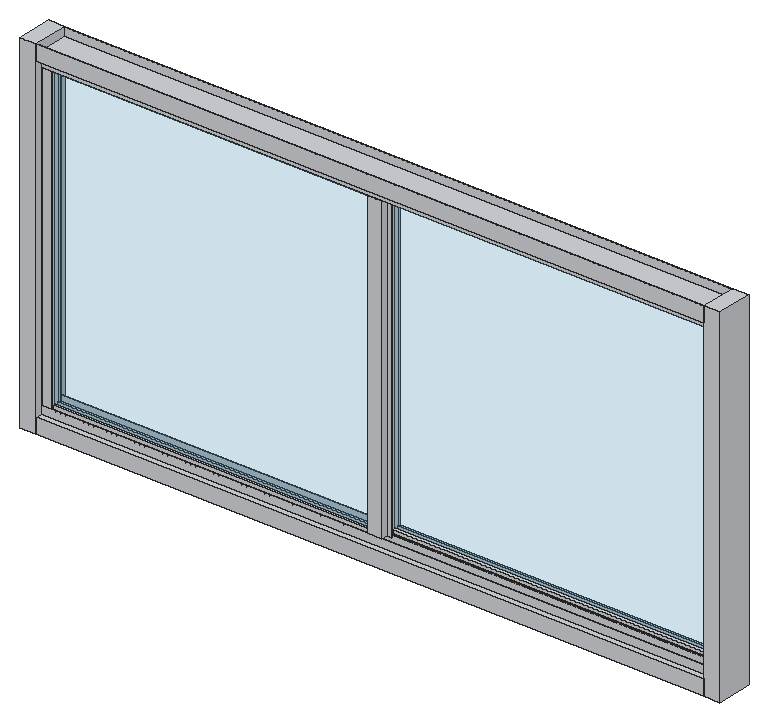
Revit family "MT-VMS_DB-SG_XX", category Windows, host Wall, Revit 2017
Family settings
  Host = Wall
  OmniClass Number = 23.30.20.00
  OmniClass Title = Windows
  Always vertical = Yes
  Cut with Voids When Loaded = No
  Shared = No
  Room Calculation Point = No
Parameters
  YEAR = "2019"  # constant formula
  WARNING = if(or(Height = Max Height, Width = Max Width), 1 = 1, 1 = 0)  # no
  VERSION = "2.1"  # constant formula
  URL = "WWW.ALSPEC.COM.AU"
  TOLERANCE = 10 mm
  TODAYS DATE = "2/12/2018"  # constant formula
  SINGLE GLAZED THICKNESS = 5 mm
  Rough Width = 2000 mm
  Rough Height = 1000 mm
  OFFSET = 30 mm
  Model = "VIEWMAX SLIDING WINDOW"  # constant formula
  Max Width = if([76mm FRAME THICKNESS], ((MAX PANEL WIDTH + 31 mm) * 2), ((MAX PANEL WIDTH + 40 mm) * 2))  # 2480 mm
  Max Height = if([76mm FRAME THICKNESS], (MAX PANEL HEIGHT + 41 mm + 36 mm), (MAX PANEL HEIGHT + 50 mm + 56 mm))  # 1706 mm
  MAX PANEL WIDTH = 1200 mm  # constant formula
  MAX PANEL HEIGHT = 1600 mm  # constant formula
  Height = if(Rough Height > Max Height, Max Height, Rough Height)  # 1000 mm
  GLAZED MATERIAL = Glass
  FRAME MATERIAL = none
  Default Sill Height = 900 mm
  Wall Closure = By host
  Width = if(Rough Width > Max Width, Max Width, Rough Width)  # 2000 mm
  DOUBLE GLAZED THICKNESS = 15 mm
  DOUBLE GLAZED = no
  CREATOR = "SCOTT ISOUARD"  # constant formula
  COMPANY = "ARCHVIS"  # constant formula
  Analytic Construction = "<None>"
  ANZRC COMPLIANT = "YES"  # constant formula
  AIR POCKET = 5 mm
  76mm FRAME THICKNESS = not([101.6mm FRAME THICKNESS])  # no
  101.6mm FRAME THICKNESS = yes
Reference planes
  plane 1 "Center (Front/Back)": y = 0
  plane 2 "Center (Left/Right)": x = 0
  plane 3 "Left": x = -1000
  plane 4 "Right": x = 1000
  plane 5 "Sill": z = 900
  plane 6 "Head": z = 1900
  plane 7 "Exterior": y = 100
  plane 8 "Interior": y = -100
  plane 9: y = 70
  plane 10: x = -1010
  plane 11: x = 1010
  plane 12: z = 890
  plane 13: z = 1910
Lines and regions (mm)
  Opening 1
    outline origin (3500, -100, 0) x (1, 0, 0) y (0, 0, 1)
      loop
        line (-2490, 890) -> (-2490, 1910) -> (-4510, 1910) -> (-4510, 890) -> (-2490, 890)
Text (mm)
  text "EXTERIOR" at (-1963.203, 1332.353, 0), in view "Ref. Level"
  text "INTERIOR" at (-1981.466, -818.386, 0), in view "Ref. Level"
  text "Exterior" at (0, 923.751, 2943.296), in view "Right"
  text "Exterior" at (0, 1040.484, 2685.409), in view "Left"
Dimensions and locks
  equal spacing: plane 3 "Left", plane 2 "Center (Left/Right)", plane 4 "Right"
  "Width": plane 3 "Left" to plane 4 "Right"
  "Height": plane 5 "Sill" to plane 6 "Head"
  "Default Sill Height": plane 5 "Sill" to level
  locked: plane 7 "Exterior" to host wall at 0
  locked: plane 8 "Interior" to host wall
  "OFFSET": plane 9 to plane 7 "Exterior"
  "TOLERANCE": plane 10 to plane 3 "Left"
  "TOLERANCE": plane 4 "Right" to plane 11
  "TOLERANCE": plane 6 "Head" to plane 13
  "TOLERANCE": plane 12 to plane 5 "Sill"
  aligned and locked: Opening 1 sketch curve to plane 13
  aligned and locked: Opening 1 sketch curve to plane 11
  aligned and locked: Opening 1 sketch curve to plane 12
  aligned and locked: Opening 1 sketch curve to plane 10
  aligned and locked: nested 1 to plane 2 "Center (Left/Right)"
  aligned and locked: nested 2 to plane 2 "Center (Left/Right)"
  aligned and locked: nested 2 to plane 9
  aligned and locked: nested 2 to plane 5 "Sill"
  aligned and locked: nested 3 to plane 5 "Sill"
  aligned and locked: nested 3 to plane 2 "Center (Left/Right)"
  aligned and locked: nested 3 to plane 9
Nested families
  nested 1: "WARNING TAG" at (0, -1836.503, 0), MAX.WIDTH <- "MAX PANEL WIDTH", visible <- "WARNING", type "WARNING TAG"
    with MAX.WIDTH 1200 mm
  nested 2: "VMS_DB-SG_OX_76mm" at (0, 70, 900), visible <- "76mm FRAME THICKNESS", Sash Material <- "FRAME MATERIAL", type "VMS_DB-SG_OX_76mm"
  nested 3: "VMS_DB-SG_OX_101mm" at (0, 70, 900), visible <- "101.6mm FRAME THICKNESS", Sash Material <- "FRAME MATERIAL", type "VMS_DB-SG_OX_101mm"
Definition of nested family "VMS_DB-SG_OX_76mm"
  Parameters (values of type "VMS_DB-SG_OX_76mm")
    WIDTH = 2000 mm
    Sash Material [instance] = none
    SINGLE GLAZED THICKNESS = 5 mm
    PANEL WIDTH = (WIDTH / 2 - 31 mm)  # 969 mm
    PANEL HEIGHT = HEIGHT - 36 mm - 41 mm  # 923 mm
    HEIGHT = 1000 mm
    HAFT PANEL WIDTH = (PANEL WIDTH + 1 mm - 1 mm) / 2 + 1.8 mm  # 486.3 mm
    GLAZED MATERIAL = none
    FRAME WIDTH = 35 mm  # constant formula
    FRAME THICKNESS = 76 mm  # constant formula
    FRAME MATERIAL = none
    DOUBLE GLAZED THICKNESS = 15 mm
    DOUBLE GLAZED = no
    AIR POCKET = 5 mm
  Reference planes
    plane 1 "Center (Front/Back)": y = 0
    plane 2: z = 0
    plane 3 "Center (Left/Right)": x = 0
    plane 4: y = -76
    plane 5: x = -1000
    plane 6: x = 1000
    plane 7: x = -965
    plane 8: x = 965
    plane 9: z = 1000
    plane 10: z = 36
    plane 11: z = 959
    plane 12: y = -54
    plane 13: y = -22
    plane 14: x = -478.7
    plane 15: x = 478.7
  Forms (mm)
    Extrusion 1, solid, material <- "FRAME MATERIAL"
      sketch origin (0, 0, 0) x (1, 0, 0) y (0, 1, 0)
        loop
          line (-1000, 0) -> (-1000, -76) -> (-965, -76) -> (-965, 0) -> (-1000, 0)
        loop
          line (965, 0) -> (965, -76) -> (1000, -76) -> (1000, 0) -> (965, 0)
      from 0 to 1000
    Sweep 2, solid, material <- "FRAME MATERIAL"
      path origin (0, 0, 0) x (1, 0, 0) y (0, 0, 1)
        loop
          line (965, 1000) -> (-965, 1000)
      profile "VMS_VM8_HEAD DETAIL : VMS_VM8_HEAD DETAIL" origin (0, 0, 1000) x (0, 0, -1) y (0, -1, 0)
        loop
          line (0, 0) -> (35, 0) -> (35, 5.5) -> (59, 5.5) -> (59, 7.3) -> (33.2, 7.3) -> (33.2, 1.8) -> (16.1, 1.8) -> (16.1, 37.2) -> (59, 37.2) -> (59, 38.8) -> (16.1, 38.8) -> (16.1, 74.2) -> (33.2, 74.2) -> (33.2, 68.7) -> (59, 68.7) -> (59, 70.5) -> (35, 70.5) -> (35, 76) -> (0, 76) -> (0, 74.5) -> (14.5, 74.5) -> (14.5, 1.5) -> (0, 1.5) -> (0, 0)
    Sweep 3, solid, material <- "FRAME MATERIAL"
      path origin (0, 0, 0) x (1, 0, 0) y (0, 0, 1)
        loop
          line (965, 0) -> (-965, 0)
      profile "VMS_VM10_BOT DETAIL : VMS_VM10_BOT DETAIL" origin (0, 0, 0) x (0, 0, -1) y (0, -1, 0)
        loop
          line (-14.448, 1.5) -> (-14.448, 38) -> (-18.196, 38) -> (-18.196, 74.4) -> (0, 74.4) -> (0, 76) -> (-27.256, 76) -> (-31.278, 70.723) -> (-56.143, 70.723) -> (-56.143, 68.723) -> (-31.278, 68.723) -> (-31.278, 38.823) -> (-56.143, 38.823) -> (-56.143, 37.223) -> (-31.278, 37.223) -> (-31.278, 7.323) -> (-56.143, 7.323) -> (-56.143, 5.323) -> (-31.278, 5.323) -> (-27.291, 0) -> (0, 0) -> (0, 1.5) -> (-14.448, 1.5)
        loop
          line (-29.678, 70.183) -> (-29.678, 5.689) -> (-26.54, 1.5) -> (-15.948, 1.5) -> (-15.948, 36.6) -> (-19.696, 36.6) -> (-19.696, 74.4) -> (-26.464, 74.4) -> (-29.678, 70.183)
    Sweep 4, solid, material <- "FRAME MATERIAL"
      path origin (0, 0, 0) x (1, 0, 0) y (0, 0, 1)
        loop
          line (-965, 941) -> (-965, 56.143)
      profile "VMS_VM11_SILL DETAIL : VMS_VM11_SILL DETAIL" origin (-965, 0, 498.571) x (1, 0, 0) y (0, -1, 0)
        loop
          line (0, 37.2) -> (29.712, 37.2) -> (29.712, 38.8) -> (1.8, 38.8) -> (1.8, 68.7) -> (29.712, 68.7) -> (29.712, 70.7) -> (0, 70.7) -> (0, 37.2)
    Sweep 5, solid, material <- "FRAME MATERIAL"
      path origin (0, 0, 0) x (1, 0, 0) y (0, 0, 1)
        loop
          line (965, 941) -> (965, 56.143)
      profile "VMS_VM12_SILL DETAIL : VMS_VM12_SILL DETAIL" origin (965, 0, 498.571) x (1, 0, 0) y (0, -1, 0)
        loop
          line (-1.5, 37.2) -> (-1.5, 7.3) -> (-29.712, 7.3) -> (-29.712, 5.3) -> (0, 5.3) -> (0, 70.7) -> (-7.5, 70.7) -> (-7.5, 69) -> (-1.5, 69) -> (-1.5, 55.4) -> (-15, 55.4) -> (-15, 53.9) -> (-1.5, 53.9) -> (-1.5, 38.8) -> (-29.712, 38.8) -> (-29.712, 37.2) -> (-1.5, 37.2)
    Sweep 6, solid, material <- "FRAME MATERIAL"
      path origin (-870.249, -54, 1200) x (-1, 0, 0) y (0, 0, 1)
        loop
          line (-870.249, -259) -> (-870.249, -1143.857)
      profile "VMS_VM9_INTERLOCK : VMS_VM9_INTERLOCK" origin (0, -54, 498.571) x (-1, 0, 0) y (0, 1, 0)
        loop
          line (19.712, -13.356) -> (-18.2, -13.356) -> (-18.2, 13.544) -> (19.712, 13.544) -> (19.712, 15.044) -> (-18.2, 15.044) -> (-18.2, 18.379) -> (-8.692, 19.257) -> (-8.692, 20.102) -> (-20, 20.102) -> (-20, -0.056) -> (-35, -0.056) -> (-35, -1.556) -> (-20, -1.556) -> (-20, -16.856) -> (19.712, -16.856) -> (19.712, -13.356)
  Lines and regions (mm)
    Masking region 1, detail levels coarse
      outline origin (0, 0, 0) x (1, 0, 0) y (0, 1, 0)
        loop
          line (-1000, 0) -> (-1000, -76) -> (-965, -76) -> (-965, 0) -> (-1000, 0)
        loop
          line (965, 0) -> (965, -76) -> (1000, -76) -> (1000, 0) -> (965, 0)
    Masking region 2, detail levels coarse
      outline origin (0, 0, 0) x (0, 1, 0) y (0, 0, 1)
        loop
          line (-76, 959) -> (0, 959) -> (0, 1000) -> (-76, 1000) -> (-76, 959)
        loop
          line (0, 27.291) -> (-5.323, 31.278) -> (-5.323, 36) -> (-70.723, 36) -> (-70.723, 31.278) -> (-76, 27.256) -> (-76, 0) -> (0, 0) -> (0, 27.291)
    symbolic lines
      curve 1: line (-965, 0, 0) -> (965, 0, 0)
      curve 2: line (-965, -76, 0) -> (965, -76, 0)
  Dimensions and locks
    equal spacing: plane 5, plane 3 "Center (Left/Right)", plane 6
    "FRAME THICKNESS": plane 4 to plane 1 "Center (Front/Back)"
    "FRAME WIDTH": plane 5 to plane 7
    "FRAME WIDTH": plane 8 to plane 6
    "WIDTH": plane 5 to plane 6
    "HEIGHT": plane 9 to plane 2
    locked: plane 9 to plane 11 at 41
    plane 10 to plane 2 = 36 mm
    locked: plane 13 to plane 1 "Center (Front/Back)" at 22
    locked: plane 12 to plane 4 at 22
    "HAFT PANEL WIDTH": plane 7 to plane 14
    "HAFT PANEL WIDTH": plane 15 to plane 8
    aligned and locked: level to plane 2
    aligned and locked: plane 1 "Center (Front/Back)" to Extrusion 1 sketch curve  (x2)
    aligned and locked: plane 5 to Extrusion 1 sketch curve
    aligned and locked: plane 4 to Extrusion 1 sketch curve  (x2)
    aligned and locked: Extrusion 1 sketch curve to plane 7
    aligned and locked: plane 8 to Extrusion 1 sketch curve
    aligned and locked: Extrusion 1 sketch curve to plane 6
    aligned and locked: plane 9 to Extrusion 1
    aligned and locked: Extrusion 1 to level
    aligned and locked: plane 9 to Sweep 2 sketch curve
    aligned and locked: plane 8 to Sweep 2 sketch curve
    aligned and locked: plane 7 to Sweep 2 sketch curve
    aligned and locked: plane 2 to Sweep 3 sketch curve
    aligned and locked: plane 8 to Sweep 3 sketch curve
    aligned and locked: plane 7 to Sweep 3 sketch curve
    aligned and locked: Sweep 4 sketch curve to plane 7
    aligned and locked: Sweep 4 sketch curve to Sweep 2
    aligned and locked: Sweep 3 to Sweep 4 sketch curve
    aligned and locked: Sweep 5 sketch curve to plane 8
    aligned and locked: Sweep 2 to Sweep 5 sketch curve
    aligned and locked: Sweep 5 sketch curve to Sweep 3
    aligned and locked: plane 15 to nested 1
    aligned and locked: nested 1 to plane 10
    aligned and locked: nested 1 to plane 13
    aligned and locked: plane 14 to nested 2
    aligned and locked: plane 12 to nested 2
    aligned and locked: nested 2 to plane 10
    aligned and locked: nested 3 to plane 7
    aligned and locked: Sweep 4 to nested 3
    aligned and locked: plane 3 "Center (Left/Right)" to Sweep 6 sketch curve
    aligned and locked: Sweep 2 to Sweep 6 sketch curve
    aligned and locked: Sweep 3 to Sweep 6 sketch curve
    aligned and locked: plane 7 to curve 1
    aligned and locked: plane 8 to curve 1
    aligned and locked: plane 8 to curve 2
    aligned and locked: plane 7 to curve 2
    aligned and locked: plane 1 "Center (Front/Back)" to curve 1
    aligned and locked: curve 2 to plane 4
    aligned and locked: Masking region 1 sketch curve to Extrusion 1  (x4)
    aligned and locked: Masking region 1 sketch curve to Sweep 3  (x3)
    aligned and locked: Sweep 3 to Masking region 1 sketch curve
    aligned and locked: plane 1 "Center (Front/Back)" to nested 4
    aligned and locked: nested 4 to plane 7
    aligned and locked: plane 8 to nested 5
    aligned and locked: plane 1 "Center (Front/Back)" to nested 5
    aligned and locked: plane 7 to nested 6
    aligned and locked: plane 1 "Center (Front/Back)" to nested 6
    aligned and locked: nested 7 to plane 8
    aligned and locked: plane 1 "Center (Front/Back)" to nested 7
    aligned and locked: Masking region 2 sketch curve to plane 11
    aligned and locked: Masking region 2 sketch curve to plane 4
    aligned and locked: Masking region 2 sketch curve to Extrusion 1  (x2)
    aligned and locked: Extrusion 1 to Masking region 2 sketch curve
    aligned and locked: Masking region 2 sketch curve to Sweep 3  (x3)
    aligned and locked: Masking region 2 sketch curve to nested 1
    aligned and locked: Sweep 3 to Masking region 2 sketch curve
    aligned and locked: nested 8 to plane 9
    aligned and locked: plane 4 to nested 8
    aligned and locked: nested 9 to plane 9
    aligned and locked: plane 4 to nested 9
    aligned and locked: nested 10 to plane 2
    aligned and locked: plane 4 to nested 10
    aligned and locked: nested 11 to level
    aligned and locked: nested 11 to Extrusion 1
  Automatic sketch dimensions
    plane 1 "Center (Front/Back)" to Masking region 2 sketch curve = 5.323 mm
    Masking region 2 sketch curve to plane 10 = 4.722 mm
    Masking region 2 sketch curve to Masking region 2 sketch curve = 3.988 mm
  Nested families
    nested 1: "VMS_DB-SG_GLAZED PANEL" at (478.7, -22, 36), Sash Material <- "Sash Material", type "VMS_DB-SG_GLAZED PANEL"
      with OPEN yes
    nested 2: "VMS_DB-SG_GLAZED PANEL" at (-478.7, -54, 36) x (-1, 0, 0) z (0, 0, 1), Sash Material <- "Sash Material", type "VMS_DB-SG_GLAZED PANEL"
      with OPEN yes
    nested 3: "VMS_VM11_SILL DETAIL_FINE" at (-965, -37.2, 0) x (0, -1, 0) z (0, 0, 1), type "VMS_VM11_SILL DETAIL_FINE", detail levels fine
    nested 4: "MAIN FRAME 76MM_MEDIUM" at (-1000, 0, 0), type "MAIN FRAME 76MM_MEDIUM", detail levels medium
    nested 5: "MAIN FRAME 76MM_MEDIUM" at (1000, -76, 0) x (-1, 0, 0) z (0, 0, 1), type "MAIN FRAME 76MM_MEDIUM", detail levels medium
    nested 6: "AS1C CAVITY MAIN FRAME" at (-965, 0, 0), type "AS1C CAVITY MAIN FRAME", detail levels fine
    nested 7: "AS1C CAVITY MAIN FRAME" at (965, -76, 0) x (-1, 0, 0) z (0, 0, 1), type "AS1C CAVITY MAIN FRAME", detail levels fine
    nested 8: "VMS_VM8_HEAD DETAIL_MEDIUM" at (0, -76, 1000) x (0, 1, 0) z (1, 0, 0), type "VMS_VM8_HEAD DETAIL_MEDIUM", detail levels medium
    nested 9: "VMS_VM8_HEAD DETAIL_FINE" at (0, -76, 1000) x (0, 1, 0) z (1, 0, 0), type "VMS_VM8_HEAD DETAIL_FINE", detail levels fine
    nested 10: "VMS_VM10_BOT DETAIL_MEDIUM" at (0, -76, 0) x (0, 1, 0) z (1, 0, 0), type "VMS_VM10_BOT DETAIL_MEDIUM", detail levels medium
    nested 11: "VMS_VM10_BOT DETAIL_FINE" at (0, -76, 0) x (0, 1, 0) z (1, 0, 0), type "VMS_VM10_BOT DETAIL_FINE", detail levels fine
  Definition of nested family "VMS_DB-SG_GLAZED PANEL"
    Parameters (values of type "VMS_DB-SG_GLAZED PANEL")
      YEAR = "2018"  # constant formula
      VERSION = "2.0"  # constant formula
      TODAYS DATE = "22/11/2018"  # constant formula
      Sash Material [instance] = none
      SINGLE GLAZED THICKNESS = 5 mm
      SINGLE GLAZED = not(DOUBLE GLAZED)  # yes
      PANEL WIDTH = 969 mm
      PANEL HEIGHT = 923 mm
      OPEN [instance] = yes
      GLAZED WIDTH [instance] = 933 mm
      GLAZED RAIL MATERIAL = none
      GLAZED MATERIAL = none
      DOUBLE GLAZED THICKNESS = 15 mm
      DOUBLE GLAZED = no
      CREATOR = "Scott Isouard"  # constant formula
      COMPANY = "Archvis"  # constant formula
      Analytic Construction = "<None>"
      ANZRC COMPLIANT = "Yes"  # constant formula
      AIR POCKET = DOUBLE GLAZED THICKNESS - 10 mm  # 5 mm
    Reference planes
      plane 1 "Center (Front/Back)": y = 0
      plane 2: z = 0
      plane 3 "Center (Left/Right)": x = 0
      plane 4: x = -484.5
      plane 5: x = 484.5
      plane 6: x = -466.5
      plane 7: x = 466.5
      plane 8: z = 923
      plane 9: z = 903
      plane 10: z = 20
      plane 11: z = 461.5
      plane 12: x = -456.586
      plane 13: x = 456.5
      plane 14: z = 10
      plane 15: z = 913
    Forms (mm)
      Extrusion 1, solid, material <- "GLAZED MATERIAL", visible <- "SINGLE GLAZED"
        sketch origin (0, 0, 0) x (1, 0, 0) y (0, 1, 0)
          loop
            line (-466.5, 2.5) -> (-466.5, -2.5) -> (466.5, -2.5) -> (466.5, 2.5) -> (-466.5, 2.5)
        from 10 to 913
      Extrusion 2, solid, material <- "GLAZED MATERIAL", visible <- "DOUBLE GLAZED"
        sketch origin (0, 0, 0) x (1, 0, 0) y (0, 1, 0)
          loop
            line (-466.5, 7.5) -> (-466.5, 2.5) -> (466.5, 2.5) -> (466.5, 7.5) -> (-466.5, 7.5)
          loop
            line (-466.5, -2.5) -> (-466.5, -7.5) -> (466.5, -7.5) -> (466.5, -2.5) -> (-466.5, -2.5)
        from 10 to 913
      Sweep 3, solid, material <- "Sash Material"
        path origin (0, 0, 0) x (1, 0, 0) y (0, 0, 1)
          loop
            line (-484.5, 923) -> (-484.5, 0)
        profile "VM__PROFILE_SACH SILL : VM__PROFILE_SACH SILL" origin (-484.5, 0, 461.5) x (1, 0, 0) y (0, -1, 0)
          loop
            line (0, 13.45) -> (0, -13.45) -> (28, -13.45) -> (28, -9.95) -> (10, -9.95) -> (10, 9.95) -> (28, 9.95) -> (28, 13.45) -> (0, 13.45)
      Sweep 4, solid, material <- "Sash Material"
        path origin (0, 0, 0) x (1, 0, 0) y (0, 0, 1)
          loop
            line (484.5, 923) -> (484.5, 0)
        profile "VM__PROFILE_SACH SILL : VM__PROFILE_SACH SILL" origin (484.5, 0, 461.5) x (1, 0, 0) y (0, -1, 0)
          loop
            line (0, 13.45) -> (-28, 13.45) -> (-28, 9.95) -> (-10, 9.95) -> (-10, -9.95) -> (-28, -9.95) -> (-28, -13.45) -> (0, -13.45) -> (0, 13.45)
      Sweep 5, solid, material <- "Sash Material"
        path origin (0, 0, 0) x (1, 0, 0) y (0, 0, 1)
          loop
            line (-456.586, 923) -> (456.5, 923)
        profile "VM__PROFILE_GLAZED RAIL : VM__PROFILE_GLAZED RAIL" origin (-0.043, 0, 923) x (0, 0, 1) y (0, -1, 0)
          loop
            line (-5.417, -13.45) -> (0, -8.033) -> (0, 8.033) -> (-5.417, 13.45) -> (-19.826, 13.45) -> (-19.826, 6.25) -> (-10, 6.25) -> (-10, -6.25) -> (-19.826, -6.25) -> (-19.826, -13.45) -> (-5.417, -13.45)
      Sweep 6, solid, material <- "Sash Material"
        path origin (0, 0, 0) x (1, 0, 0) y (0, 0, 1)
          loop
            line (456.5, 0) -> (-456.586, 0)
        profile "VM__PROFILE_GLAZED RAIL : VM__PROFILE_GLAZED RAIL" origin (-0.043, 0, 0) x (0, 0, -1) y (0, -1, 0)
          loop
            line (-5.417, -13.45) -> (0, -8.033) -> (0, 8.033) -> (-5.417, 13.45) -> (-19.826, 13.45) -> (-19.826, 6.25) -> (-10, 6.25) -> (-10, -6.25) -> (-19.826, -6.25) -> (-19.826, -13.45) -> (-5.417, -13.45)
    Lines and regions (mm)
      Masking region 1, detail levels coarse
        outline origin (0, 0, 0) x (1, 0, 0) y (0, 1, 0)
          loop
            line (-456.586, 13.45) -> (-484.5, 13.45) -> (-484.5, -13.45) -> (-456.586, -13.45) -> (-456.586, 13.45)
          loop
            line (456.5, 13.45) -> (456.5, -13.45) -> (484.5, -13.45) -> (484.5, 13.45) -> (456.5, 13.45)
      Masking region 2, detail levels coarse
        outline origin (0, 0, 0) x (0, 1, 0) y (0, 0, 1)
          loop
            line (13.45, 923) -> (-13.45, 923) -> (-13.45, 903.174) -> (13.45, 903.174) -> (13.45, 923)
          loop
            line (13.45, 20) -> (-13.45, 20) -> (-13.45, 0) -> (13.45, 0) -> (13.45, 20)
      model lines, visible <- "OPEN", not visible
        curve 1: line (116.296, -13.45, 713.931) -> (-19.098, -13.45, 715.656)
        curve 2: line (-134.348, -13.45, 741.334) -> (8.162, -13.45, 666.42)
        curve 3: line (8.162, -13.45, 666.42) -> (-19.098, -13.45, 715.656)
        curve 4: line (116.912, -13.45, 762.344) -> (-18.481, -13.45, 764.068)
        curve 5: line (-134.348, -13.45, 741.334) -> (10.023, -13.45, 812.593)
        curve 6: line (10.023, -13.45, 812.593) -> (-18.481, -13.45, 764.068)
        curve 7: line (116.296, -13.45, 713.931) -> (116.912, -13.45, 762.344)
        curve 8: line (116.604, -13.45, 738.138) -> (-134.348, -13.45, 741.334)
        curve 9: line (-2.207, 13.452, 837.659) -> (-4.793, 13.452, 634.675)
      model lines, visible <- "OPEN"
        curve 10: line (120.069, -13.45, 485.708) -> (-15.335, -13.45, 485.708)
        curve 11: line (-130.903, -13.45, 461.5) -> (12.549, -13.45, 534.592)
        curve 12: line (12.549, -13.45, 534.592) -> (-15.335, -13.45, 485.708)
        curve 13: line (120.069, -13.45, 437.292) -> (-15.335, -13.45, 437.292)
        curve 14: line (-130.903, -13.45, 461.5) -> (12.549, -13.45, 388.408)
        curve 15: line (12.549, -13.45, 388.408) -> (-15.335, -13.45, 437.292)
        curve 16: line (120.069, -13.45, 485.708) -> (120.069, -13.45, 437.292)
        curve 17: line (120.069, -13.45, 461.5) -> (-130.903, -13.45, 461.5)
        curve 18: line (0, 13.452, 363.5) -> (0, 13.452, 566.5)
      symbolic lines
        curve 19: line (-470.586, 13.45, 0) -> (470.588, 13.45, 0)
        curve 20: line (-470.586, -13.45, 0) -> (466.5, -13.45, 0)
        curve 21: line (0, 13.45, 913) -> (0, 13.45, 10)
        curve 22: line (0, -13.45, 913) -> (0, -13.45, 10)
      symbolic lines, visible <- "OPEN"
        curve 23: line (150, 93.445, 0) -> (-150, 93.445, 0)
        curve 24: line (-150, 93.445, 0) -> (-70.45, 172.994, 0)
    Dimensions and locks
      equal spacing: plane 4, plane 3 "Center (Left/Right)", plane 5
      "PANEL WIDTH": plane 4 to plane 5
      "PANEL HEIGHT": plane 8 to plane 2
      equal spacing: Extrusion 1 sketch curve, plane 1 "Center (Front/Back)", Extrusion 1 sketch curve
      "SINGLE GLAZED THICKNESS": Extrusion 1 sketch curve to Extrusion 1 sketch curve
      equal spacing: plane 8, plane 11, plane 2
      equal spacing: Extrusion 2 sketch curve, plane 1 "Center (Front/Back)", Extrusion 2 sketch curve  (x2)
      "AIR POCKET": Extrusion 2 sketch curve to Extrusion 2 sketch curve
      "DOUBLE GLAZED THICKNESS": Extrusion 2 sketch curve to Extrusion 2 sketch curve
      locked: plane 4 to plane 12 at 27.914
      locked: plane 13 to plane 5 at 28
      locked: plane 8 to plane 9 at 20
      locked: plane 4 to plane 6 at 18
      locked: plane 7 to plane 5 at 18
      "GLAZED WIDTH": plane 6 to plane 7
      locked: plane 10 to plane 2 at 20
      locked: plane 14 to plane 2 at 10
      locked: plane 8 to plane 15 at 10
      locked: curve 23 to Sweep 5 at 79.995
      equal spacing: curve 24, plane 3 "Center (Left/Right)", curve 23
      aligned and locked: level to plane 2
      aligned and locked: plane 6 to Extrusion 2 sketch curve  (x2)
      aligned and locked: Extrusion 2 sketch curve to plane 7  (x2)
      aligned and locked: plane 4 to Sweep 3 sketch curve
      aligned and locked: plane 2 to Sweep 3 sketch curve
      aligned and locked: plane 8 to Sweep 3 sketch curve
      aligned and locked: Sweep 4 sketch curve to plane 5
      aligned and locked: plane 8 to Sweep 4 sketch curve
      aligned and locked: plane 2 to Sweep 4 sketch curve
      aligned and locked: Extrusion 1 sketch curve to plane 7
      aligned and locked: plane 6 to Extrusion 1 sketch curve
      aligned and locked: plane 11 to curve 17
      aligned and locked: plane 3 "Center (Left/Right)" to curve 18
      aligned and locked: Sweep 5 sketch curve to plane 8
      aligned and locked: plane 12 to Sweep 5 sketch curve
      aligned and locked: plane 13 to Sweep 5 sketch curve
      aligned and locked: plane 2 to Sweep 6 sketch curve
      aligned and locked: plane 13 to Sweep 6 sketch curve
      aligned and locked: plane 12 to Sweep 6 sketch curve
      aligned and locked: Sweep 5 to Masking region 1 sketch curve  (x2)
      aligned and locked: Masking region 1 sketch curve to Sweep 5  (x3)
      aligned and locked: Masking region 1 sketch curve to plane 4
      aligned and locked: Masking region 1 sketch curve to plane 5
      aligned and locked: Masking region 1 to Sweep 5
      aligned and locked: curve 20 to Sweep 5
      aligned and locked: Masking region 2 sketch curve to Sweep 4  (x2)
      aligned and locked: Sweep 4 to Masking region 2 sketch curve  (x2)
      aligned and locked: Masking region 2 sketch curve to Sweep 5  (x2)
      aligned and locked: Masking region 2 sketch curve to Sweep 6
      aligned and locked: Masking region 2 sketch curve to plane 10
      aligned and locked: nested 1 to plane 1 "Center (Front/Back)"
      aligned and locked: plane 2 to nested 1
      aligned and locked: nested 2 to plane 8
      aligned and locked: plane 1 "Center (Front/Back)" to nested 2
      aligned and locked: nested 3 to plane 8
      aligned and locked: plane 1 "Center (Front/Back)" to nested 3
      aligned and locked: plane 2 to nested 4
      aligned and locked: nested 4 to plane 1 "Center (Front/Back)"
      aligned and locked: Extrusion 2 to Sweep 6
      aligned and locked: Extrusion 2 to Extrusion 1  (x2)
      aligned and locked: nested 5 to plane 8
      aligned and locked: plane 1 "Center (Front/Back)" to nested 5
      aligned and locked: plane 2 to nested 6
      aligned and locked: nested 6 to plane 1 "Center (Front/Back)"
      aligned and locked: plane 2 to nested 7
      aligned and locked: nested 7 to plane 1 "Center (Front/Back)"
      aligned and locked: nested 8 to plane 8
      aligned and locked: plane 1 "Center (Front/Back)" to nested 8
      aligned and locked: Sweep 3 to curve 21
      aligned and locked: curve 22 to Sweep 3
      aligned and locked: curve 19 to Sweep 5
      aligned and locked: plane 7 to curve 20
      aligned and locked: plane 15 to curve 22
      aligned and locked: plane 15 to curve 21
      aligned and locked: plane 14 to curve 21
      aligned and locked: plane 14 to curve 22
      aligned and locked: plane 15 to Extrusion 2
      aligned and locked: plane 4 to nested 9
      aligned and locked: nested 9 to Sweep 3
      aligned and locked: plane 4 to nested 10
      aligned and locked: nested 10 to nested 9
      aligned and locked: plane 4 to nested 11
      aligned and locked: Masking region 1 to plane 13
      aligned and locked: plane 4 to nested 12
      aligned and locked: nested 12 to Sweep 5
      aligned and locked: plane 5 to nested 13
      aligned and locked: nested 13 to Sweep 4
      aligned and locked: plane 5 to nested 14
      aligned and locked: nested 14 to nested 13
      aligned and locked: plane 5 to nested 15
      aligned and locked: nested 14 to nested 15
      aligned and locked: plane 5 to nested 16
      aligned and locked: nested 16 to nested 15  (x2)
      aligned and locked: curve 19 to nested 16
      aligned and locked: nested 12 to curve 19
      aligned and locked: curve 20 to nested 12
    Automatic sketch dimensions
      curve 9 to curve 2 = 34.287 mm
      curve 2 to curve 7 = 118.111 mm
      curve 1 to curve 8 = 24.208 mm
      curve 3 to curve 4 = 48.416 mm
      curve 4 to curve 5 = 56.278 mm
      curve 5 to curve 9 = 27.89 mm
      curve 3 to curve 1 = 118.111 mm
      curve 6 to curve 4 = 118.111 mm
      curve 9 to curve 5 = 27.89 mm
      curve 3 to curve 2 = 56.278 mm
      curve 6 to curve 3 = 48.416 mm
      curve 8 to curve 4 = 118.076 mm
      curve 18 to curve 11 = 34.287 mm
      curve 11 to curve 16 = 118.111 mm
      curve 10 to curve 17 = 24.208 mm
      curve 12 to curve 13 = 48.416 mm
      curve 13 to curve 14 = 56.278 mm
      curve 14 to curve 18 = 27.89 mm
      curve 12 to curve 10 = 118.111 mm
      curve 15 to curve 13 = 118.111 mm
      curve 18 to curve 14 = 27.89 mm
      curve 12 to curve 11 = 56.278 mm
      curve 15 to curve 12 = 48.416 mm
      curve 17 to curve 13 = 118.076 mm
      curve 18 to curve 18 = 2.585 mm
      curve 18 to curve 18 = 202.984 mm
      curve 11 to curve 16 = 47.511 mm
      curve 11 to curve 12 = 49.235 mm
      curve 10 to curve 11 = 25.678 mm
      curve 10 to curve 16 = 48.412 mm
      curve 10 to curve 13 = 48.412 mm
      curve 13 to curve 15 = 48.525 mm
      curve 11 to curve 12 = 115.25 mm
      curve 10 to curve 15 = 0.617 mm
      curve 10 to curve 12 = 27.26 mm
      curve 13 to curve 14 = 28.505 mm
      curve 9 to curve 9 = 2.585 mm
      curve 9 to curve 9 = 202.984 mm
      curve 2 to curve 7 = 47.511 mm
      curve 2 to curve 3 = 49.235 mm
      curve 1 to curve 2 = 25.678 mm
      curve 1 to curve 7 = 48.412 mm
      curve 1 to curve 4 = 48.412 mm
      curve 4 to curve 6 = 48.525 mm
      curve 3 to curve 2 = 115.25 mm
      curve 6 to curve 1 = 0.617 mm
      curve 3 to curve 1 = 27.26 mm
      curve 5 to curve 4 = 28.505 mm
      Masking region 1 sketch curve to plane 13 = 0 mm
      curve 24 to plane 3 "Center (Left/Right)" = 70.45 mm
      curve 19 to plane 6 = 4.086 mm
      curve 20 to plane 6 = 4.086 mm
      plane 7 to curve 19 = 4.088 mm
      curve 23 to curve 24 = 79.55 mm
      curve 24 to curve 24 = 79.55 mm
    Nested families
      nested 1: "VM62_DOUBLE GLAZE RAIL_Mid detail" at (0, 0, 0) x (0, 0, 1) z (1, 0, 0), visible <- "DOUBLE GLAZED", type "VM62_DOUBLE GLAZE RAIL_Mid detail", detail levels medium
      nested 2: "VM62_DOUBLE GLAZE RAIL_Mid detail" at (0, 0, 923) x (0, 0, -1) z (1, 0, 0), visible <- "DOUBLE GLAZED", type "VM62_DOUBLE GLAZE RAIL_Mid detail", detail levels medium
      nested 3: "VM62_SGL GLAZE RAIL_Mid detail" at (0, 0, 923) x (0, 0, -1) z (1, 0, 0), visible <- "SINGLE GLAZED", type "VM62_SGL GLAZE RAIL_Mid detail", detail levels medium
      nested 4: "VM62_SGL GLAZE RAIL_Mid detail" at (0, 0, 0) x (0, 0, 1) z (1, 0, 0), visible <- "SINGLE GLAZED", type "VM62_SGL GLAZE RAIL_Mid detail", detail levels medium
      nested 5: "vm1_single glaze rail" at (0, 0, 923) x (0, 0, -1) z (1, 0, 0), visible <- "SINGLE GLAZED", type "vm1_single glaze rail", detail levels fine
      nested 6: "vm1_single glaze rail" at (0, 0, 0) x (0, 0, 1) z (1, 0, 0), visible <- "SINGLE GLAZED", type "vm1_single glaze rail", detail levels fine
      nested 7: "VM62_DOUBLE GLAZE RAIL" at (0, 0, 0) x (0, 0, 1) z (1, 0, 0), visible <- "DOUBLE GLAZED", type "VM62_DOUBLE GLAZE RAIL", detail levels fine
      nested 8: "VM62_DOUBLE GLAZE RAIL" at (0, 0, 923) x (0, 0, -1) z (1, 0, 0), visible <- "DOUBLE GLAZED", type "VM62_DOUBLE GLAZE RAIL", detail levels fine
      nested 9: "VMS_V3_SGL_FINE" at (-484.5, 13.45, 0), visible <- "SINGLE GLAZED", type "VMS_V3_SGL_FINE", detail levels fine
      nested 10: "VMS_V3_SGL_MEDIUM" at (-484.5, 13.45, 0), visible <- "SINGLE GLAZED", type "VMS_V3_SGL_MEDIUM", detail levels medium
      nested 11: "VMS_VM64_SILL DETAIL_FINE" at (-484.5, 13.45, 0), visible <- "DOUBLE GLAZED", type "VMS_VM64_SILL DETAIL_FINE", detail levels fine
      nested 12: "VMS_VM64_SILL DETAIL_MEDIUM" at (-484.5, 13.45, 0), visible <- "DOUBLE GLAZED", type "VMS_VM64_SILL DETAIL_MEDIUM", detail levels medium
      nested 13: "VMS_VM5_SILL DETAIL_FINE" at (484.5, -13.45, 0) x (0, 1, 0) z (0, 0, 1), visible <- "SINGLE GLAZED", type "VMS_VM5_SILL DETAIL_FINE", detail levels fine
      nested 14: "VMS_VM5_SILL DETAIL_MEDIUM" at (484.5, -13.45, 0) x (0, 1, 0) z (0, 0, 1), visible <- "SINGLE GLAZED", type "VMS_VM5_SILL DETAIL_MEDIUM", detail levels medium
      nested 15: "VMS_VM66_SILL DETAIL_FINE" at (484.5, -13.45, 0) x (0, 1, 0) z (0, 0, 1), visible <- "DOUBLE GLAZED", type "VMS_VM66_SILL DETAIL_FINE", detail levels fine
      nested 16: "VMS_VM66_SILL DETAIL_MEDIUM" at (484.554, -13.45, 0) x (0, 1, 0) z (0, 0, 1), visible <- "DOUBLE GLAZED", type "VMS_VM66_SILL DETAIL_MEDIUM", detail levels medium
    Definition of nested family "VM62_DOUBLE GLAZE RAIL_Mid detail"
      Reference planes
        plane 1 "Center (Front/Back)": y = 0
        plane 2: z = 0
        plane 3 "Center (Left/Right)": x = 0
        plane 4: x = 10
      Lines and regions (mm)
        detail lines, in view "Ref. Level"
          curve 1: line (19.826, 13.45, 0) -> (19.826, 10.52, 0)
          curve 2: line (19.826, 10.52, 0) -> (10, 10.52, 0)
          curve 3: line (10, -10.52, 0) -> (19.826, -10.52, 0)
          curve 4: line (19.826, -10.52, 0) -> (19.826, -13.45, 0)
          curve 5: line (19.826, -13.45, 0) -> (5.417, -13.45, 0)
          curve 6: line (5.417, -13.45, 0) -> (0, -8.033, 0)
          curve 7: line (0, -8.033, 0) -> (0, 8.033, 0)
          curve 8: line (0, 8.033, 0) -> (5.417, 13.45, 0)
          curve 9: line (5.417, 13.45, 0) -> (19.826, 13.45, 0)
          curve 10: line (10, -10.52, 0) -> (10, 10.52, 0)
      Dimensions and locks
        plane 3 "Center (Left/Right)" to plane 4 = 10 mm
    Definition of nested family "VM62_SGL GLAZE RAIL_Mid detail"
      Reference planes
        plane 1 "Center (Front/Back)": y = 0
        plane 2: z = 0
        plane 3 "Center (Left/Right)": x = 0
        plane 4: x = 10
      Lines and regions (mm)
        detail lines, in view "Ref. Level"
          curve 1: line (19.826, 13.45, 0) -> (19.826, 6.45, 0)
          curve 2: line (19.826, 6.45, 0) -> (10, 6.45, 0)
          curve 3: line (10, -6.45, 0) -> (19.826, -6.45, 0)
          curve 4: line (19.826, -6.45, 0) -> (19.826, -13.45, 0)
          curve 5: line (19.826, -13.45, 0) -> (5.417, -13.45, 0)
          curve 6: line (5.417, -13.45, 0) -> (0, -8.033, 0)
          curve 7: line (0, -8.033, 0) -> (0, 8.033, 0)
          curve 8: line (0, 8.033, 0) -> (5.417, 13.45, 0)
          curve 9: line (5.417, 13.45, 0) -> (19.826, 13.45, 0)
          curve 10: line (10, -6.45, 0) -> (10, 6.45, 0)
      Dimensions and locks
        plane 3 "Center (Left/Right)" to plane 4 = 10 mm
    Definition of nested family "vm1_single glaze rail"
      Reference planes
        plane 1 "Center (Front/Back)": y = 0
        plane 2: z = 0
        plane 3 "Center (Left/Right)": x = 0
      Lines and regions (mm)
        detail lines, in view "Ref. Level"
          curve 1: arc (5.316, -8.679, 0) -> (5.078, -8.372, 0) -> (4.771, -8.134, 0) r 1.525
          curve 2: arc (3.99, -7.925, 0) -> (3.633, -7.97, 0) -> (3.297, -8.097, 0) r 1.525
          curve 3: arc (2.647, -8.747, 0) -> (2.525, -9.062, 0) -> (2.476, -9.396, 0) r 1.525
          curve 4: arc (2.476, -9.396, 0) -> (2.18, -9.815, 0) -> (1.678, -9.711, 0) r 0.468
          curve 5: arc (0.088, -8.121, 0) -> (0.023, -8.024, 0) -> (0, -7.909, 0) r 0.3
          curve 6: arc (0, 7.909, 0) -> (0.023, 8.024, 0) -> (0.088, 8.121, 0) r 0.3
          curve 7: arc (1.678, 9.711, 0) -> (2.18, 9.815, 0) -> (2.476, 9.396, 0) r 0.468
          curve 8: arc (2.476, 9.396, 0) -> (2.525, 9.062, 0) -> (2.647, 8.747, 0) r 1.525
          curve 9: arc (3.297, 8.097, 0) -> (3.633, 7.97, 0) -> (3.99, 7.925, 0) r 1.525
          curve 10: arc (4.771, 8.134, 0) -> (5.078, 8.372, 0) -> (5.316, 8.679, 0) r 1.525
          curve 11: arc (5.525, 9.46, 0) -> (5.48, 9.817, 0) -> (5.353, 10.153, 0) r 1.525
          curve 12: arc (4.703, 10.803, 0) -> (4.388, 10.925, 0) -> (4.054, 10.974, 0) r 1.525
          curve 13: arc (4.054, 10.974, 0) -> (3.635, 11.27, 0) -> (3.739, 11.772, 0) r 0.468
          curve 14: arc (5.329, 13.362, 0) -> (5.426, 13.427, 0) -> (5.541, 13.45, 0) r 0.3
          curve 15: arc (13.831, 13.45, 0) -> (14.236, 13.045, 0) -> (13.831, 12.64, 0) r 0.405
          curve 16: arc (13.126, 11.82, 0) -> (13.214, 11.608, 0) -> (13.426, 11.52, 0) r 0.3
          curve 17: arc (13.936, 11.52, 0) -> (14.149, 11.432, 0) -> (14.236, 11.22, 0) r 0.3
          curve 18: arc (14.236, 10.62, 0) -> (14.149, 10.408, 0) -> (13.936, 10.32, 0) r 0.3
          curve 19: arc (13.426, 10.32, 0) -> (13.214, 10.232, 0) -> (13.126, 10.02, 0) r 0.3
          curve 20: arc (13.126, 8.576, 0) -> (13.214, 8.364, 0) -> (13.426, 8.276, 0) r 0.3
          curve 21: arc (18.226, 8.276, 0) -> (18.439, 8.364, 0) -> (18.526, 8.576, 0) r 0.3
          curve 22: arc (18.526, 10.02, 0) -> (18.439, 10.232, 0) -> (18.226, 10.32, 0) r 0.3
          curve 23: arc (17.716, 10.32, 0) -> (17.504, 10.408, 0) -> (17.416, 10.62, 0) r 0.3
          curve 24: arc (17.416, 11.22, 0) -> (17.504, 11.432, 0) -> (17.716, 11.52, 0) r 0.3
          curve 25: arc (18.226, 11.52, 0) -> (18.439, 11.608, 0) -> (18.526, 11.82, 0) r 0.3
          curve 26: arc (17.821, 12.64, 0) -> (17.416, 13.045, 0) -> (17.821, 13.45, 0) r 0.405
          curve 27: arc (19.026, 13.45, 0) -> (19.592, 13.216, 0) -> (19.826, 12.65, 0) r 0.8
          curve 28: arc (19.826, 6.961, 0) -> (19.751, 6.727, 0) -> (19.553, 6.581, 0) r 0.4
          curve 29: arc (18.59, 6.26, 0) -> (18.409, 6.288, 0) -> (18.326, 6.45, 0) r 0.2
          curve 30: arc (17.137, 6.284, 0) -> (16.932, 6.274, 0) -> (16.826, 6.45, 0) r 0.2
          curve 31: arc (15.637, 6.284, 0) -> (15.432, 6.274, 0) -> (15.326, 6.45, 0) r 0.2
          curve 32: arc (14.137, 6.284, 0) -> (13.932, 6.274, 0) -> (13.826, 6.45, 0) r 0.2
          curve 33: arc (13.426, 7.25, 0) -> (12.366, 7.689, 0) -> (11.926, 8.75, 0) r 1.5
          curve 34: arc (11.926, 11.75, 0) -> (11.839, 11.962, 0) -> (11.626, 12.05, 0) r 0.3
          curve 35: arc (6.463, 12.05, 0) -> (6.188, 11.87, 0) -> (6.244, 11.545, 0) r 0.3
          curve 36: arc (6.244, 11.545, 0) -> (7.057, 9.17, 0) -> (5.826, 6.982, 0) r 3.07
          curve 37: arc (5.826, 6.982, 0) -> (3.825, 6.385, 0) -> (1.905, 7.206, 0) r 3.07
          curve 38: arc (1.905, 7.206, 0) -> (1.58, 7.262, 0) -> (1.4, 6.987, 0) r 0.3
          curve 39: arc (1.4, -6.987, 0) -> (1.58, -7.262, 0) -> (1.905, -7.206, 0) r 0.3
          curve 40: arc (1.905, -7.206, 0) -> (3.825, -6.385, 0) -> (5.826, -6.982, 0) r 3.07
          curve 41: arc (5.826, -6.982, 0) -> (7.057, -9.17, 0) -> (6.244, -11.545, 0) r 3.07
          curve 42: arc (6.244, -11.545, 0) -> (6.188, -11.87, 0) -> (6.463, -12.05, 0) r 0.3
          curve 43: arc (11.626, -12.05, 0) -> (11.839, -11.962, 0) -> (11.926, -11.75, 0) r 0.3
          curve 44: arc (11.926, -8.75, 0) -> (12.366, -7.689, 0) -> (13.426, -7.25, 0) r 1.5
          curve 45: arc (13.826, -6.45, 0) -> (13.932, -6.274, 0) -> (14.137, -6.284, 0) r 0.2
          curve 46: arc (15.326, -6.45, 0) -> (15.432, -6.274, 0) -> (15.637, -6.284, 0) r 0.2
          curve 47: arc (16.826, -6.45, 0) -> (16.932, -6.274, 0) -> (17.137, -6.284, 0) r 0.2
          curve 48: arc (18.326, -6.45, 0) -> (18.409, -6.288, 0) -> (18.59, -6.26, 0) r 0.2
          curve 49: arc (19.553, -6.581, 0) -> (19.751, -6.727, 0) -> (19.826, -6.961, 0) r 0.4
          curve 50: arc (19.826, -12.65, 0) -> (19.592, -13.216, 0) -> (19.026, -13.45, 0) r 0.8
          curve 51: arc (17.821, -13.45, 0) -> (17.416, -13.045, 0) -> (17.821, -12.64, 0) r 0.405
          curve 52: arc (18.526, -11.82, 0) -> (18.439, -11.608, 0) -> (18.226, -11.52, 0) r 0.3
          curve 53: arc (17.716, -11.52, 0) -> (17.504, -11.432, 0) -> (17.416, -11.22, 0) r 0.3
          curve 54: arc (17.416, -10.62, 0) -> (17.504, -10.408, 0) -> (17.716, -10.32, 0) r 0.3
          curve 55: arc (18.226, -10.32, 0) -> (18.439, -10.232, 0) -> (18.526, -10.02, 0) r 0.3
          curve 56: arc (18.526, -8.576, 0) -> (18.439, -8.364, 0) -> (18.226, -8.276, 0) r 0.3
          curve 57: arc (13.426, -8.276, 0) -> (13.214, -8.364, 0) -> (13.126, -8.576, 0) r 0.3
          curve 58: arc (13.126, -10.02, 0) -> (13.214, -10.232, 0) -> (13.426, -10.32, 0) r 0.3
          curve 59: arc (13.936, -10.32, 0) -> (14.149, -10.408, 0) -> (14.236, -10.62, 0) r 0.3
          curve 60: arc (14.236, -11.22, 0) -> (14.149, -11.432, 0) -> (13.936, -11.52, 0) r 0.3
          curve 61: arc (13.426, -11.52, 0) -> (13.214, -11.608, 0) -> (13.126, -11.82, 0) r 0.3
          curve 62: arc (13.831, -12.64, 0) -> (14.236, -13.045, 0) -> (13.831, -13.45, 0) r 0.405
          curve 63: arc (5.541, -13.45, 0) -> (5.426, -13.427, 0) -> (5.329, -13.362, 0) r 0.3
          curve 64: arc (3.739, -11.772, 0) -> (3.635, -11.27, 0) -> (4.054, -10.974, 0) r 0.468
          curve 65: arc (4.054, -10.974, 0) -> (4.388, -10.925, 0) -> (4.703, -10.803, 0) r 1.525
          curve 66: arc (5.353, -10.153, 0) -> (5.48, -9.817, 0) -> (5.525, -9.46, 0) r 1.525
          curve 67: line (4.771, -8.134, 0) -> (4.485, -7.639, 0)
          curve 68: line (4.485, -7.639, 0) -> (3.99, -7.925, 0)
          curve 69: line (3.297, -8.097, 0) -> (2.675, -8.125, 0)
          curve 70: line (2.675, -8.125, 0) -> (2.647, -8.747, 0)
          curve 71: line (1.678, -9.711, 0) -> (0.088, -8.121, 0)
          curve 72: line (0, -7.909, 0) -> (0, 7.909, 0)
          curve 73: line (0.088, 8.121, 0) -> (1.678, 9.711, 0)
          curve 74: line (2.647, 8.747, 0) -> (2.675, 8.125, 0)
          curve 75: line (2.675, 8.125, 0) -> (3.297, 8.097, 0)
          curve 76: line (3.99, 7.925, 0) -> (4.485, 7.639, 0)
          curve 77: line (4.485, 7.639, 0) -> (4.771, 8.134, 0)
          curve 78: line (5.316, 8.679, 0) -> (5.811, 8.965, 0)
          curve 79: line (5.811, 8.965, 0) -> (5.525, 9.46, 0)
          curve 80: line (5.353, 10.153, 0) -> (5.325, 10.775, 0)
          curve 81: line (5.325, 10.775, 0) -> (4.703, 10.803, 0)
          curve 82: line (3.739, 11.772, 0) -> (5.329, 13.362, 0)
          curve 83: line (5.541, 13.45, 0) -> (13.831, 13.45, 0)
          curve 84: line (13.831, 12.64, 0) -> (13.126, 12.64, 0)
          curve 85: line (13.126, 12.64, 0) -> (13.126, 11.82, 0)
          curve 86: line (13.426, 11.52, 0) -> (13.936, 11.52, 0)
          curve 87: line (14.236, 11.22, 0) -> (14.236, 10.62, 0)
          curve 88: line (13.936, 10.32, 0) -> (13.426, 10.32, 0)
          curve 89: line (13.126, 10.02, 0) -> (13.126, 8.576, 0)
          curve 90: line (13.426, 8.276, 0) -> (18.226, 8.276, 0)
          curve 91: line (18.526, 8.576, 0) -> (18.526, 10.02, 0)
          curve 92: line (18.226, 10.32, 0) -> (17.716, 10.32, 0)
          curve 93: line (17.416, 10.62, 0) -> (17.416, 11.22, 0)
          curve 94: line (17.716, 11.52, 0) -> (18.226, 11.52, 0)
          curve 95: line (18.526, 11.82, 0) -> (18.526, 12.64, 0)
          curve 96: line (18.526, 12.64, 0) -> (17.821, 12.64, 0)
          curve 97: line (17.821, 13.45, 0) -> (19.026, 13.45, 0)
          curve 98: line (19.826, 12.65, 0) -> (19.826, 6.961, 0)
          curve 99: line (19.553, 6.581, 0) -> (18.59, 6.26, 0)
          curve 100: line (18.326, 6.45, 0) -> (18.326, 7.076, 0)
          curve 101: line (18.326, 7.076, 0) -> (17.137, 6.284, 0)
          curve 102: line (16.826, 6.45, 0) -> (16.826, 7.076, 0)
          curve 103: line (16.826, 7.076, 0) -> (15.637, 6.284, 0)
          curve 104: line (15.326, 6.45, 0) -> (15.326, 7.076, 0)
          curve 105: line (15.326, 7.076, 0) -> (14.137, 6.284, 0)
          curve 106: line (13.826, 6.45, 0) -> (13.826, 7.25, 0)
          curve 107: line (13.826, 7.25, 0) -> (13.426, 7.25, 0)
          curve 108: line (11.926, 8.75, 0) -> (11.926, 11.75, 0)
          curve 109: line (11.626, 12.05, 0) -> (6.463, 12.05, 0)
          curve 110: line (1.4, 6.987, 0) -> (1.4, -6.987, 0)
          curve 111: line (6.463, -12.05, 0) -> (11.626, -12.05, 0)
          curve 112: line (11.926, -11.75, 0) -> (11.926, -8.75, 0)
          curve 113: line (13.426, -7.25, 0) -> (13.826, -7.25, 0)
          curve 114: line (13.826, -7.25, 0) -> (13.826, -6.45, 0)
          curve 115: line (14.137, -6.284, 0) -> (15.326, -7.076, 0)
          curve 116: line (15.326, -7.076, 0) -> (15.326, -6.45, 0)
          curve 117: line (15.637, -6.284, 0) -> (16.826, -7.076, 0)
          curve 118: line (16.826, -7.076, 0) -> (16.826, -6.45, 0)
          curve 119: line (17.137, -6.284, 0) -> (18.326, -7.076, 0)
          curve 120: line (18.326, -7.076, 0) -> (18.326, -6.45, 0)
          curve 121: line (18.59, -6.26, 0) -> (19.553, -6.581, 0)
          curve 122: line (19.826, -6.961, 0) -> (19.826, -12.65, 0)
          curve 123: line (19.026, -13.45, 0) -> (17.821, -13.45, 0)
          curve 124: line (17.821, -12.64, 0) -> (18.526, -12.64, 0)
          curve 125: line (18.526, -12.64, 0) -> (18.526, -11.82, 0)
          curve 126: line (18.226, -11.52, 0) -> (17.716, -11.52, 0)
          curve 127: line (17.416, -11.22, 0) -> (17.416, -10.62, 0)
          curve 128: line (17.716, -10.32, 0) -> (18.226, -10.32, 0)
          curve 129: line (18.526, -10.02, 0) -> (18.526, -8.576, 0)
          curve 130: line (18.226, -8.276, 0) -> (13.426, -8.276, 0)
          curve 131: line (13.126, -8.576, 0) -> (13.126, -10.02, 0)
          curve 132: line (13.426, -10.32, 0) -> (13.936, -10.32, 0)
          curve 133: line (14.236, -10.62, 0) -> (14.236, -11.22, 0)
          curve 134: line (13.936, -11.52, 0) -> (13.426, -11.52, 0)
          curve 135: line (13.126, -11.82, 0) -> (13.126, -12.64, 0)
          curve 136: line (13.126, -12.64, 0) -> (13.831, -12.64, 0)
          curve 137: line (13.831, -13.45, 0) -> (5.541, -13.45, 0)
          curve 138: line (5.329, -13.362, 0) -> (3.739, -11.772, 0)
          curve 139: line (4.703, -10.803, 0) -> (5.325, -10.775, 0)
          curve 140: line (5.325, -10.775, 0) -> (5.353, -10.153, 0)
          curve 141: line (5.525, -9.46, 0) -> (5.811, -8.965, 0)
          curve 142: line (5.811, -8.965, 0) -> (5.316, -8.679, 0)
    Definition of nested family "VM62_DOUBLE GLAZE RAIL"
      Reference planes
        plane 1 "Center (Front/Back)": y = 0
        plane 2: z = 0
        plane 3 "Center (Left/Right)": x = 0
      Lines and regions (mm)
        detail lines, in view "Ref. Level"
          curve 1: arc (17.821, 12.64, 0) -> (17.416, 13.045, 0) -> (17.821, 13.45, 0) r 0.405
          curve 2: arc (19.026, 13.45, 0) -> (19.592, 13.216, 0) -> (19.826, 12.65, 0) r 0.8
          curve 3: arc (19.826, 10.711, 0) -> (19.751, 10.477, 0) -> (19.553, 10.331, 0) r 0.4
          curve 4: arc (18.59, 10.01, 0) -> (18.409, 10.038, 0) -> (18.326, 10.2, 0) r 0.2
          curve 5: arc (17.102, 10.002, 0) -> (16.915, 10.021, 0) -> (16.826, 10.187, 0) r 0.2
          curve 6: arc (15.602, 10.009, 0) -> (15.415, 10.028, 0) -> (15.326, 10.194, 0) r 0.2
          curve 7: arc (14.102, 10.016, 0) -> (13.915, 10.035, 0) -> (13.826, 10.201, 0) r 0.2
          curve 8: arc (12.726, 10.52, 0) -> (12.161, 10.754, 0) -> (11.926, 11.32, 0) r 0.8
          curve 9: arc (11.926, 11.75, 0) -> (11.839, 11.962, 0) -> (11.626, 12.05, 0) r 0.3
          curve 10: arc (6.463, 12.05, 0) -> (6.188, 11.87, 0) -> (6.244, 11.545, 0) r 0.3
          curve 11: arc (6.244, 11.545, 0) -> (7.057, 9.17, 0) -> (5.826, 6.982, 0) r 3.07
          curve 12: arc (5.826, 6.982, 0) -> (3.825, 6.385, 0) -> (1.905, 7.206, 0) r 3.07
          curve 13: arc (1.905, 7.206, 0) -> (1.58, 7.262, 0) -> (1.4, 6.987, 0) r 0.3
          curve 14: arc (1.4, -6.987, 0) -> (1.58, -7.262, 0) -> (1.905, -7.206, 0) r 0.3
          curve 15: arc (1.905, -7.206, 0) -> (3.825, -6.385, 0) -> (5.826, -6.982, 0) r 3.07
          curve 16: arc (5.826, -6.982, 0) -> (7.057, -9.17, 0) -> (6.244, -11.545, 0) r 3.07
          curve 17: arc (6.244, -11.545, 0) -> (6.188, -11.87, 0) -> (6.463, -12.05, 0) r 0.3
          curve 18: arc (11.626, -12.05, 0) -> (11.839, -11.962, 0) -> (11.926, -11.75, 0) r 0.3
          curve 19: arc (11.926, -11.32, 0) -> (12.161, -10.754, 0) -> (12.726, -10.52, 0) r 0.8
          curve 20: arc (13.826, -10.201, 0) -> (13.915, -10.035, 0) -> (14.102, -10.016, 0) r 0.2
          curve 21: arc (15.326, -10.194, 0) -> (15.415, -10.028, 0) -> (15.602, -10.009, 0) r 0.2
          curve 22: arc (16.826, -10.187, 0) -> (16.915, -10.021, 0) -> (17.102, -10.002, 0) r 0.2
          curve 23: arc (18.326, -10.2, 0) -> (18.409, -10.038, 0) -> (18.59, -10.01, 0) r 0.2
          curve 24: arc (19.553, -10.331, 0) -> (19.751, -10.477, 0) -> (19.826, -10.711, 0) r 0.4
          curve 25: arc (19.826, -12.65, 0) -> (19.592, -13.216, 0) -> (19.026, -13.45, 0) r 0.8
          curve 26: arc (17.821, -13.45, 0) -> (17.416, -13.045, 0) -> (17.821, -12.64, 0) r 0.405
          curve 27: arc (13.831, -12.64, 0) -> (14.236, -13.045, 0) -> (13.831, -13.45, 0) r 0.405
          curve 28: arc (5.541, -13.45, 0) -> (5.426, -13.427, 0) -> (5.329, -13.362, 0) r 0.3
          curve 29: arc (3.739, -11.772, 0) -> (3.635, -11.27, 0) -> (4.054, -10.974, 0) r 0.468
          curve 30: arc (4.054, -10.974, 0) -> (4.388, -10.925, 0) -> (4.703, -10.803, 0) r 1.525
          curve 31: arc (5.353, -10.153, 0) -> (5.48, -9.817, 0) -> (5.525, -9.46, 0) r 1.525
          curve 32: arc (5.316, -8.679, 0) -> (5.078, -8.372, 0) -> (4.771, -8.134, 0) r 1.525
          curve 33: arc (3.99, -7.925, 0) -> (3.633, -7.97, 0) -> (3.297, -8.097, 0) r 1.525
          curve 34: arc (2.647, -8.747, 0) -> (2.525, -9.062, 0) -> (2.476, -9.396, 0) r 1.525
          curve 35: arc (2.476, -9.396, 0) -> (2.18, -9.815, 0) -> (1.678, -9.711, 0) r 0.468
          curve 36: arc (0.088, -8.121, 0) -> (0.023, -8.024, 0) -> (0, -7.909, 0) r 0.3
          curve 37: arc (0, 7.909, 0) -> (0.023, 8.024, 0) -> (0.088, 8.121, 0) r 0.3
          curve 38: arc (1.678, 9.711, 0) -> (2.18, 9.815, 0) -> (2.476, 9.396, 0) r 0.468
          curve 39: arc (2.476, 9.396, 0) -> (2.525, 9.062, 0) -> (2.647, 8.747, 0) r 1.525
          curve 40: arc (3.297, 8.097, 0) -> (3.633, 7.97, 0) -> (3.99, 7.925, 0) r 1.525
          curve 41: arc (4.771, 8.134, 0) -> (5.078, 8.372, 0) -> (5.316, 8.679, 0) r 1.525
          curve 42: arc (5.525, 9.46, 0) -> (5.48, 9.817, 0) -> (5.353, 10.153, 0) r 1.525
          curve 43: arc (4.703, 10.803, 0) -> (4.388, 10.925, 0) -> (4.054, 10.974, 0) r 1.525
          curve 44: arc (4.054, 10.974, 0) -> (3.635, 11.27, 0) -> (3.739, 11.772, 0) r 0.468
          curve 45: arc (5.329, 13.362, 0) -> (5.426, 13.427, 0) -> (5.541, 13.45, 0) r 0.3
          curve 46: arc (13.831, 13.45, 0) -> (14.236, 13.045, 0) -> (13.831, 12.64, 0) r 0.405
          curve 47: line (13.831, 12.64, 0) -> (13.126, 12.64, 0)
          curve 48: line (13.126, 12.64, 0) -> (13.126, 11.52, 0)
          curve 49: line (13.126, 11.52, 0) -> (18.526, 11.52, 0)
          curve 50: line (18.526, 11.52, 0) -> (18.526, 12.64, 0)
          curve 51: line (18.526, 12.64, 0) -> (17.821, 12.64, 0)
          curve 52: line (17.821, 13.45, 0) -> (19.026, 13.45, 0)
          curve 53: line (19.826, 12.65, 0) -> (19.826, 10.711, 0)
          curve 54: line (19.553, 10.331, 0) -> (18.59, 10.01, 0)
          curve 55: line (18.326, 10.2, 0) -> (18.326, 10.499, 0)
          curve 56: line (18.326, 10.499, 0) -> (17.102, 10.002, 0)
          curve 57: line (16.826, 10.187, 0) -> (16.826, 10.506, 0)
          curve 58: line (16.826, 10.506, 0) -> (15.602, 10.009, 0)
          curve 59: line (15.326, 10.194, 0) -> (15.326, 10.513, 0)
          curve 60: line (15.326, 10.513, 0) -> (14.102, 10.016, 0)
          curve 61: line (13.826, 10.201, 0) -> (13.826, 10.52, 0)
          curve 62: line (13.826, 10.52, 0) -> (12.726, 10.52, 0)
          curve 63: line (11.926, 11.32, 0) -> (11.926, 11.75, 0)
          curve 64: line (11.626, 12.05, 0) -> (6.463, 12.05, 0)
          curve 65: line (1.4, 6.987, 0) -> (1.4, -6.987, 0)
          curve 66: line (6.463, -12.05, 0) -> (11.626, -12.05, 0)
          curve 67: line (11.926, -11.75, 0) -> (11.926, -11.32, 0)
          curve 68: line (12.726, -10.52, 0) -> (13.826, -10.52, 0)
          curve 69: line (13.826, -10.52, 0) -> (13.826, -10.201, 0)
          curve 70: line (14.102, -10.016, 0) -> (15.326, -10.513, 0)
          curve 71: line (15.326, -10.513, 0) -> (15.326, -10.194, 0)
          curve 72: line (15.602, -10.009, 0) -> (16.826, -10.506, 0)
          curve 73: line (16.826, -10.506, 0) -> (16.826, -10.187, 0)
          curve 74: line (17.102, -10.002, 0) -> (18.326, -10.499, 0)
          curve 75: line (18.326, -10.499, 0) -> (18.326, -10.2, 0)
          curve 76: line (18.59, -10.01, 0) -> (19.553, -10.331, 0)
          curve 77: line (19.826, -10.711, 0) -> (19.826, -12.65, 0)
          curve 78: line (19.026, -13.45, 0) -> (17.821, -13.45, 0)
          curve 79: line (17.821, -12.64, 0) -> (18.526, -12.64, 0)
          curve 80: line (18.526, -12.64, 0) -> (18.526, -11.52, 0)
          curve 81: line (18.526, -11.52, 0) -> (13.126, -11.52, 0)
          curve 82: line (13.126, -11.52, 0) -> (13.126, -12.64, 0)
          curve 83: line (13.126, -12.64, 0) -> (13.831, -12.64, 0)
          curve 84: line (13.831, -13.45, 0) -> (5.541, -13.45, 0)
          curve 85: line (5.329, -13.362, 0) -> (3.739, -11.772, 0)
          curve 86: line (4.703, -10.803, 0) -> (5.325, -10.775, 0)
          curve 87: line (5.325, -10.775, 0) -> (5.353, -10.153, 0)
          curve 88: line (5.525, -9.46, 0) -> (5.811, -8.965, 0)
          curve 89: line (5.811, -8.965, 0) -> (5.316, -8.679, 0)
          curve 90: line (4.771, -8.134, 0) -> (4.485, -7.639, 0)
          curve 91: line (4.485, -7.639, 0) -> (3.99, -7.925, 0)
          curve 92: line (3.297, -8.097, 0) -> (2.675, -8.125, 0)
          curve 93: line (2.675, -8.125, 0) -> (2.647, -8.747, 0)
          curve 94: line (1.678, -9.711, 0) -> (0.088, -8.121, 0)
          curve 95: line (0, -7.909, 0) -> (0, 7.909, 0)
          curve 96: line (0.088, 8.121, 0) -> (1.678, 9.711, 0)
          curve 97: line (2.647, 8.747, 0) -> (2.675, 8.125, 0)
          curve 98: line (2.675, 8.125, 0) -> (3.297, 8.097, 0)
          curve 99: line (3.99, 7.925, 0) -> (4.485, 7.639, 0)
          curve 100: line (4.485, 7.639, 0) -> (4.771, 8.134, 0)
          curve 101: line (5.316, 8.679, 0) -> (5.811, 8.965, 0)
          curve 102: line (5.811, 8.965, 0) -> (5.525, 9.46, 0)
          curve 103: line (5.353, 10.153, 0) -> (5.325, 10.775, 0)
          curve 104: line (5.325, 10.775, 0) -> (4.703, 10.803, 0)
          curve 105: line (3.739, 11.772, 0) -> (5.329, 13.362, 0)
          curve 106: line (5.541, 13.45, 0) -> (13.831, 13.45, 0)
    Definition of nested family "VMS_V3_SGL_FINE"
      Reference planes
        plane 1 "Center (Front/Back)": y = 0
        plane 2: z = 0
        plane 3 "Center (Left/Right)": x = 0
      Lines and regions (mm)
        model lines, in view "Ref. Level"
          curve 1: arc (27.114, -24.15, 0) -> (27.68, -23.916, 0) -> (27.914, -23.35, 0) r 0.8
          curve 2: arc (27.914, -20.411, 0) -> (27.839, -20.177, 0) -> (27.641, -20.031, 0) r 0.4
          curve 3: arc (26.677, -19.71, 0) -> (26.497, -19.738, 0) -> (26.414, -19.9, 0) r 0.2
          curve 4: arc (25.177, -19.71, 0) -> (24.997, -19.738, 0) -> (24.914, -19.9, 0) r 0.2
          curve 5: arc (23.677, -19.71, 0) -> (23.497, -19.738, 0) -> (23.414, -19.9, 0) r 0.2
          curve 6: arc (22.177, -19.71, 0) -> (21.997, -19.738, 0) -> (21.914, -19.9, 0) r 0.2
          curve 7: arc (21.914, -20.538, 0) -> (21.971, -20.713, 0) -> (22.119, -20.822, 0) r 0.3
          curve 8: arc (23.009, -21.119, 0) -> (23.157, -21.228, 0) -> (23.214, -21.404, 0) r 0.3
          curve 9: arc (23.214, -22.15, 0) -> (23.126, -22.362, 0) -> (22.914, -22.45, 0) r 0.3
          curve 10: arc (14.214, -22.45, 0) -> (14.002, -22.362, 0) -> (13.914, -22.15, 0) r 0.3
          curve 11: arc (13.914, -14.116, 0) -> (13.884, -13.963, 0) -> (13.797, -13.833, 0) r 0.4
          curve 12: arc (13.797, -13.067, 0) -> (13.884, -12.937, 0) -> (13.914, -12.784, 0) r 0.4
